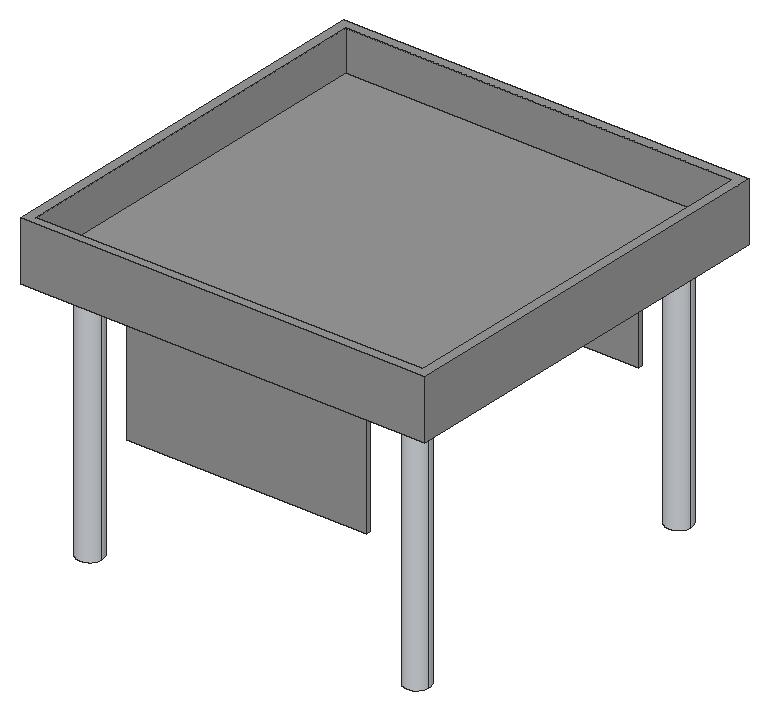
Revit family "Nivellierbare Schwerlastkassette, blind, RKNSL, 20, 4", category Generic Models, Revit 2015
Parameters (values of type "RKN2 4 VMSL1N 20")
  Width = 199 mm
  URL = "http://www.obo-bettermann.com"
  Material = Stainless Steel, Polished
  Manufacturer Art.No. = "7409010"
  Manufacturer = "OBO Bettermann"
  Length = 199 mm
  HeightCalc = if(Height < 105 mm, 105 mm, (if(Height > 155 mm, 155 mm, Height)))  # 150 mm
  Height 1 = 29 mm
  Height = 150 mm
  GTIN = "4012195867524"
  Cut depth = 20 mm
  Article Type = "RKN2 4 VMSL1N 20"
Reference planes
  plane 1 "Center (Front/Back)": y = 0
  plane 2: z = 0
  plane 3 "Center (Left/Right)": x = 0
  plane 4: z = 121
  plane 5: y = 99.5
  plane 6: y = -99.5
  plane 7: z = 150
  plane 8: z = 60
  plane 9: z = 130
Forms (mm)
  Extrusion 1, solid
    sketch origin (0, 0, 0) x (1, 0, 0) y (0, 1, 0)
      loop
        circle (-80.5, -80.5) r 6
      loop
        circle (-80.5, 80.5) r 6
      loop
        circle (80.5, 80.5) r 6
      loop
        circle (80.5, -80.5) r 6
    from 0 to 121
  Extrusion 2, solid, material "Stainless Steel, Polished" <- "Material"
    sketch origin (0, 0, 0) x (1, 0, 0) y (0, 0, 1)
      loop
        line (-99.5, 150) -> (-99.5, 121) -> (99.5, 121) -> (99.5, 150) -> (-99.5, 150)
    from -99.5 to 99.5
  Extrusion 3, solid, material "Stainless Steel, Polished" <- "Material"
    sketch origin (0, 0, 0) x (1, 0, 0) y (0, 1, 0)
      loop
        line (-59, 84.5) -> (-59, 82.5) -> (59, 82.5) -> (59, 84.5) -> (-59, 84.5)
      loop
        line (-59, -82.5) -> (-59, -84.5) -> (59, -84.5) -> (59, -82.5) -> (-59, -82.5)
    from 60 to 121
  Extrusion 4, void
    sketch origin (0, 0, 0) x (1, 0, 0) y (0, 1, 0)
      loop
        line (-95.3, 95.3) -> (-95.3, -95.3) -> (95.3, -95.3) -> (95.3, 95.3) -> (-95.3, 95.3)
    from 130 to 150
Cuts and joins
  Extrusion 4 cuts Extrusion 1
  Extrusion 4 cuts Extrusion 2
  Extrusion 4 cuts Extrusion 3
Dimensions and locks
  locked: Extrusion 1 sketch curve to plane 1 "Center (Front/Back)" at 74.5  (x2)
  locked: Extrusion 1 sketch curve to plane 3 "Center (Left/Right)" at 80.5  (x2)
  locked: plane 1 "Center (Front/Back)" to Extrusion 1 sketch curve at 74.5  (x2)
  locked: plane 3 "Center (Left/Right)" to Extrusion 1 sketch curve at 80.5  (x2)
  "Width": Extrusion 2 sketch curve to Extrusion 2 sketch curve
  locked: plane 3 "Center (Left/Right)" to Extrusion 2 sketch curve at 99.5
  locked: Extrusion 2 sketch curve to Extrusion 2 sketch curve at 29
  "HeightCalc": plane 7 to level
  "Height 1": plane 7 to plane 4
  locked: Extrusion 3 sketch curve to Extrusion 3 sketch curve at 118  (x2)
  equal spacing: Extrusion 3 sketch curve, plane 3 "Center (Left/Right)", Extrusion 3 sketch curve, locked at 59 each  (x2)
  locked: Extrusion 3 sketch curve to Extrusion 2 at 15  (x2)
  locked: Extrusion 3 sketch curve to Extrusion 3 sketch curve at 2  (x2)
  locked: plane 4 to plane 8 at 61
  locked: Extrusion 4 sketch curve to Extrusion 4 sketch curve at 190.6  (x2)
  equal spacing: Extrusion 4 sketch curve, plane 3 "Center (Left/Right)", Extrusion 4 sketch curve, locked at 95.3 each
  equal spacing: Extrusion 4 sketch curve, plane 1 "Center (Front/Back)", Extrusion 4 sketch curve, locked at 95.3 each
  "Cut depth": plane 7 to plane 9
  "Length": plane 5 to plane 6
  equal spacing: plane 5, plane 1 "Center (Front/Back)", plane 6, locked at 99.5 each
  diameter of Extrusion 1 sketch curve = 12 mm  (x3)
  aligned and locked: level to plane 2
  aligned and locked: plane 4 to Extrusion 1
  aligned and locked: plane 4 to Extrusion 2 sketch curve
  aligned and locked: plane 6 to Extrusion 2
  aligned and locked: Extrusion 2 to plane 5
  aligned and locked: plane 7 to Extrusion 2
  aligned and locked: Extrusion 1 to Extrusion 3
  aligned and locked: Extrusion 3 to plane 8
  aligned and locked: cut or joined group of Extrusion 2, Extrusion 4 to Extrusion 4
  aligned and locked: Extrusion 4 to plane 9
Automatic sketch dimensions
  Extrusion 1 sketch curve to plane 6 = 19 mm
